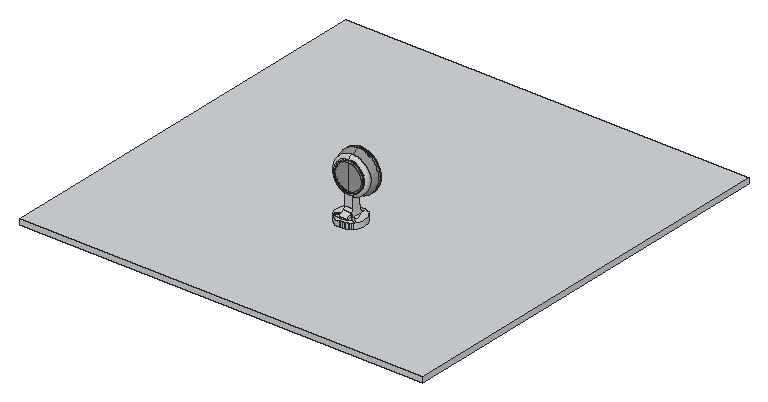
Revit family "41-Jabonera", category Aparatos sanitarios, Revit 2018
Family settings
  Anfitrión = Cara
  Cota de conector redondo = Diámetro de uso
  Tipo de pieza = Normal
  Número OmniClass = 23.45.00.00
  Título OmniClass = Sanitary, Laundry, and Cleaning Equipment
  Corte con vacíos al cargar = No
  Compartido = No
  Punto de cálculo de habitación = No
Parameters
  Vida útil unidad = ""
  Vida útil = ""
  URL = ""
  Tráfico = "Residencial"
  Presión mínima = ""
  Presión Máxima = ""
  Nombre del Fabricante = "Corona"
  Nombre = "Jabonera"
  Model = ""
  Material de Fabricación = "Latón"
  Material Acabado = Cromo-Corona
  Fabricante = "www.corona.com.co"
  Default Elevation = 0 mm
  Duración Garantía Unidad = "Año"
  Diámetro de conexión entrada = ""
  Descripción IFC = "Jabonera Palermo"
  Description = ""
  Assembly Code = ""
  Consumo de agua = ""
  Color = "Cromo"
  Caudal = ""
  Acabado = "Brillante"
Reference planes
  plane 1 "Center (Front/Back)": y = 0
  plane 2: z = 0
  plane 3 "Center (Left/Right)": x = 0
Forms (mm)
  Extrusion 1, solid
    sketch origin (0, 0, 0) x (1, 0, 0) y (0, 1, 0)
      loop
        line (-385.853, 470) -> (-385.853, -304.449) -> (380.791, -304.449) -> (380.791, 470) -> (-385.853, 470)
    from 0 to -9.713
  Revolve 2, solid, material "Cromo-Corona", detail levels medium+fine
    sketch origin (0, 0, 0) x (0, -1, 0) y (0, 0, 1)
      loop
        line (0, 0) -> (27, 0) -> (27, 10.016) -> (15.089, 10.016) -> (0, 10.016) -> (0, 0)
      axis (0, 10.016) -> (0, 0)
    angle from 0 to 360
  Extrusion 3, solid, material "Cromo-Corona", detail levels medium+fine
    sketch origin (-20.24, 0, 0) x (0, 1, 0) y (0, 0, -1)
      loop
        line (-18.902, -12.351) -> (-7.631, -18.345)
        arc (-7.631, -18.345) -> (-4.924, -20.913) -> (-3.927, -24.509) r 6.981
        line (-3.927, -24.509) -> (-3.927, -45.99)
        arc (-3.927, -45.99) -> (1.397, -51.314) -> (6.721, -45.99) r 5.324
        line (6.721, -45.99) -> (11.89, -19.399)
        arc (11.89, -19.399) -> (14.781, -13.536) -> (20.248, -9.949) r 12.433
        line (20.248, -9.949) -> (-18.902, -9.949) -> (-18.902, -12.351)
    from -27.972 to -12.508
  Revolve 4, solid, material "Cromo-Corona", detail levels medium+fine
    sketch origin (0, 0, 0) x (0, -1, 0) y (0, 0, 1)
      loop
        line (27, 0) -> (27, 10.174)
        arc (27, 10.174) -> (26.284, 11.903) -> (24.555, 12.619) r 2.445
        line (24.555, 12.619) -> (0, 12.619) -> (0, 0) -> (27, 0)
      axis (0, 12.619) -> (0, 0)
    angle from -45 to 45
  Sweep 5, solid, detail levels medium+fine
    path origin (0, 0, 10.122) x (0, -1, 0) y (1, 0, 0)
      loop
        line (0, 0) -> (20.105, 20.105)
    profile origin (10.053, -10.053, 10.122) x (0.707107, 0.707107, 0) y (0, 0, 1)
      loop
        line (0, 2.515) -> (0, 0.003) -> (2.332, 0.003)
        arc (2.332, 0.003) -> (1.063, 0.556) -> (0.605, 1.862) r 1.731
        arc (0.605, 1.862) -> (0.445, 2.321) -> (0, 2.515) r 0.605
  Revolve 6, void
    sketch origin (0, 0, 0) x (0, -1, 0) y (0, 0, 1)
      loop
        line (27, 0) -> (28.874, 0) -> (28.388, 13.913) -> (24.556, 13.913) -> (24.556, 12.621)
        arc (24.556, 12.621) -> (26.294, 11.792) -> (27, 10) r 2.627
        line (27, 10) -> (27, 0)
      axis (0, 13.913) -> (0, 0)
    angle from 0 to 360
  Sweep 7, solid, material "Cromo-Corona", detail levels medium+fine
    path origin (0, 0, 10.122) x (0, -1, 0) y (1, 0, 0)
      loop
        line (0, 0) -> (20.105, -20.105)
    profile origin (-10.053, -10.053, 10.122) x (0.707107, -0.707107, 0) y (0, 0, 1)
      loop
        arc (0, 2.515) -> (-0.428, 2.338) -> (-0.605, 1.91) r 0.605
        arc (-0.605, 1.91) -> (-1.064, 0.605) -> (-2.332, 0.052) r 1.731
        line (-2.332, 0.052) -> (0, 0.052) -> (0, 2.515)
  Revolve 8, solid, material "Cromo-Corona", detail levels medium+fine
    sketch origin (0, 0, 0) x (0, 1, 0) y (0, 0, 1)
      loop
        line (7.057, 47.525) -> (7.057, 51.467) -> (-3.701, 51.467) -> (-3.701, 47.525)
        arc (-3.701, 47.525) -> (1.678, 42.146) -> (7.057, 47.525) r 5.379
      axis (7.057, 76.522) -> (-3.701, 76.522)
    angle from 0 to 360
  Revolve 9, solid, material "Acrilico Corona", detail levels medium+fine
    sketch origin (0, 0, 0) x (0, 1, 0) y (0, 0, 1)
      loop
        line (10.589, 76.522) -> (-5.979, 76.522) -> (-5.979, 51.522)
        arc (-5.979, 51.522) -> (-5.579, 50.555) -> (-4.612, 50.154) r 1.368
        line (-4.612, 50.154) -> (4.264, 50.154)
        arc (4.264, 50.154) -> (5.675, 49.57) -> (6.26, 48.158) r 1.996
        line (6.26, 48.158) -> (6.26, 45.979)
        arc (6.26, 45.979) -> (10.918, 40.132) -> (18.007, 37.754) r 13.196
        line (18.007, 37.754) -> (21.991, 37.754)
        arc (21.991, 37.754) -> (24.234, 38.683) -> (25.163, 40.925) r 3.171
        spline (25.163, 40.925) -> (24.987, 43.212) -> (24.459, 44.756) -> (23.58, 45.867) -> (22.351, 46.858) -> (20.778, 48.035) -> (18.945, 49.62) -> (16.996, 51.77) -> (15.076, 54.645) -> (13.331, 58.399) -> (11.904, 63.192) -> (10.942, 69.181) -> (10.589, 76.522)
      axis (25.163, 76.522) -> (-5.979, 76.522)
    angle from 0 to 360
  Extrusion 10, solid, material "Vidrio", detail levels coarse
    sketch origin (0, 0, 0) x (1, 0, 0) y (0, 0, 1)
      loop
        line (38.768, 115.289) -> (-38.768, 115.289) -> (-38.768, 0) -> (38.768, 0) -> (38.768, 115.289)
    from -26.884 to 26.88
Cuts and joins
  Revolve 6 cuts Revolve 2
  Revolve 6 cuts Sweep 5
  Revolve 6 cuts Sweep 7
Lines and regions (mm)
  symbolic lines, not visible, detail levels medium+fine
    curve 1: arc (-9.395, 25.313, 60) -> (-26.575, -4.773, 60) -> (0, -27, 60) r 27
    curve 2: arc (-23.417, 2.554, 60) -> (-18.953, 13.988, 60) -> (-9.343, 21.623, 60) r 23.555
    curve 3: arc (0, -23.555, 60) -> (-15.727, -17.536, 60) -> (-23.417, -2.554, 60) r 23.555
    curve 4: arc (23.417, -2.554, 60) -> (15.727, -17.536, 60) -> (0, -23.555, 60) r 23.555
    curve 5: arc (20.24, -4.076, 60) -> (16.164, 0, 60) -> (20.24, 4.076, 60) r 4.076
    curve 6: arc (20.24, 2.188, 60) -> (22.428, 0, 60) -> (20.24, -2.188, 60) r 2.188
    curve 7: arc (20.24, -2.188, 60) -> (18.052, 0, 60) -> (20.24, 2.188, 60) r 2.188
    curve 8: arc (20.24, 4.076, 60) -> (24.316, 0, 60) -> (20.24, -4.076, 60) r 4.076
    curve 9: arc (-20.24, 4.076, 60) -> (-24.316, 0, 60) -> (-20.24, -4.076, 60) r 4.076
    curve 10: arc (-20.24, -4.076, 60) -> (-16.164, 0, 60) -> (-20.24, 4.076, 60) r 4.076
    curve 11: arc (-20.24, -2.188, 60) -> (-18.052, 0, 60) -> (-20.24, 2.188, 60) r 2.188
    curve 12: arc (-20.24, 2.188, 60) -> (-22.428, 0, 60) -> (-20.24, -2.188, 60) r 2.188
    curve 13: arc (0, -27, 60) -> (26.585, -4.715, 60) -> (9.284, 25.354, 60) r 27
    curve 14: arc (9.214, 21.679, 60) -> (18.911, 14.044, 60) -> (23.417, 2.554, 60) r 23.555
    curve 15: arc (9.87, -10, 60) -> (14.737, 0, 60) -> (9.87, 10, 60) r 12.706
    curve 16: arc (-9.87, -10, 60) -> (-14.737, 0, 60) -> (-9.87, 10, 60) r 12.706
    curve 17: line (9.87, 10, 60) -> (-9.87, 10, 60)
    curve 18: line (-9.87, -10, 60) -> (9.87, -10, 60)
    curve 20: line (-20.24, -27, 0) -> (-20.24, -27, 2.689)
    curve 21: arc (-20.24, -27, 2.689) -> (-20.24, -26.589, 3.681) -> (-20.24, -25.597, 4.092) r 1.403
    curve 22: line (-20.24, -25.597, 4.092) -> (-20.24, 25.449, 4.092)
    curve 23: arc (-20.24, 25.449, 4.092) -> (-20.24, 26.581, 3.623) -> (-20.24, 27.05, 2.49) r 1.602
    curve 24: line (-20.24, 27.05, 2.49) -> (-20.24, 27.05, 0)
    curve 25: line (-20.24, -23.555, 4.092) -> (-20.24, -16.852, 10.795)
    curve 26: arc (-20.24, -16.852, 10.795) -> (-20.24, -16, 11.37) -> (-20.24, -14.994, 11.584) r 2.694
    curve 27: line (-20.24, -14.994, 11.584) -> (-20.24, 15.089, 11.584)
    curve 28: arc (-20.24, 15.089, 11.584) -> (-20.24, 16.111, 11.357) -> (-20.24, 16.942, 10.72) r 2.419
    curve 29: line (-20.24, 16.942, 10.72) -> (-20.24, 23.57, 4.092)
    curve 30: line (-20.24, -10, 11.584) -> (-20.24, -10, 72.37)
    curve 31: arc (-20.24, -10, 72.37) -> (-20.24, 0, 77.201) -> (-20.24, 10, 72.37) r 12.765
    curve 32: line (-20.24, 10, 72.37) -> (-20.24, 10, 11.584)
    curve 34: line (27.05, 0, 0) -> (27.05, 0, 2.516)
    curve 35: arc (27.05, 0, 2.516) -> (26.551, 0, 3.663) -> (25.373, 0, 4.08) r 1.567
    curve 36: line (25.373, 0, 4.08) -> (-25.331, 0, 4.08)
    curve 37: arc (-25.331, 0, 4.08) -> (-26.511, 0, 3.591) -> (-27, 0, 2.411) r 1.669
    curve 38: line (-27, 0, 2.411) -> (-27, 0, 0)
    curve 39: line (-23.412, 0, 4.08) -> (-16.514, 0, 10.978)
    curve 40: arc (-16.514, 0, 10.978) -> (-15.691, 0, 11.489) -> (-14.726, 0, 11.584) r 2.133
    curve 41: line (-14.726, 0, 11.584) -> (15.1, 0, 11.584)
    curve 42: arc (15.1, 0, 11.584) -> (16.03, 0, 11.363) -> (16.763, 0, 10.748) r 2.072
    curve 43: line (16.763, 0, 10.748) -> (23.431, 0, 4.08)
    curve 44: line (9.881, 0, 11.584) -> (9.881, 0, 62.5)
    curve 45: arc (9.881, 0, 62.5) -> (0.011, 0, 72.37) -> (-9.859, 0, 62.5) r 9.87
    curve 46: line (-9.859, 0, 11.584) -> (-9.859, 0, 62.5)
    curve 47: line (14.754, 0, 11.584) -> (14.754, 0, 62.5)
    curve 48: arc (14.754, 0, 62.5) -> (-0.012, 0, 77.265) -> (-14.777, 0, 62.5) r 14.765
    curve 49: line (-14.777, 0, 62.5) -> (-14.777, 0, 11.522)
  symbolic lines, detail levels coarse
    curve 19: line (27, 0, 0) -> (-27, 0, 0)
    curve 33: line (-20.24, 30.401, 0) -> (-20.24, -27, 0)
    curve 74: line (0, 27, 115.289) -> (0, -27, 115.289)
    curve 75: line (0, 27, 0) -> (0, 27, 115.289)
    curve 76: line (0, -27, 0) -> (0, 27, 0)
    curve 77: line (0, -27, 115.289) -> (0, -27, 0)
    curve 100: line (-38.768, -27, 60) -> (38.768, -27, 60)
    curve 101: line (-38.768, 27, 60) -> (-38.768, -27, 60)
    curve 102: line (38.768, 27, 60) -> (-38.768, 27, 60)
    curve 103: line (38.768, -27, 60) -> (38.768, 27, 60)
    curve 123: line (38.768, 0, 115.289) -> (-38.768, 0, 115.289)
    curve 124: line (38.768, 0, 0) -> (38.768, 0, 115.289)
    curve 125: line (-38.768, 0, 0) -> (38.768, 0, 0)
    curve 126: line (-38.768, 0, 115.289) -> (-38.768, 0, 0)
  symbolic lines, detail levels medium+fine
    curve 50: line (0, 27, 0) -> (0, 27, 7.303)
    curve 51: arc (0, 27, 7.303) -> (0, 26.205, 9.222) -> (0, 24.287, 10.016) r 2.713
    curve 52: line (0, 24.287, 10.016) -> (0, 1.732, 10.016)
    curve 53: line (0, -24.549, 12.691) -> (0, 0.023, 12.691)
    curve 54: spline (0, 0.428, 12.032) -> (0, 0.424, 12.111) -> (0, 0.413, 12.189) -> (0, 0.395, 12.264) -> (0, 0.371, 12.335) -> (0, 0.339, 12.401) -> (0, 0.303, 12.46) -> (0, 0.261, 12.512) -> (0, 0.214, 12.556) -> (0, 0.164, 12.591) -> (0, 0.111, 12.617) -> (0, 0.056, 12.632) -> (0, 0, 12.638)
    curve 55: spline (0, 1.649, 10.174) -> (0, 1.482, 10.19) -> (0, 1.318, 10.239) -> (0, 1.16, 10.318) -> (0, 1.011, 10.428) -> (0, 0.874, 10.565) -> (0, 0.752, 10.727) -> (0, 0.647, 10.911) -> (0, 0.56, 11.114) -> (0, 0.494, 11.332) -> (0, 0.449, 11.56) -> (0, 0.427, 11.795) -> (0, 0.428, 12.032)
    curve 56: arc (0, -24.549, 12.691) -> (0, -26.363, 11.893) -> (0, -27, 10.016) r 2.461
    curve 57: line (0, -27, 10.016) -> (0, -27, 0)
    curve 58: line (0, -7.631, 18.345) -> (0, -18.264, 12.691)
    curve 59: arc (0, -7.631, 18.345) -> (0, -4.924, 20.913) -> (0, -3.927, 24.509) r 6.981
    curve 60: line (0, -3.927, 50.103) -> (0, -3.927, 24.509)
    curve 61: line (0, 11.89, 19.399) -> (0, 6.763, 45.775)
    curve 62: arc (0, 11.89, 19.399) -> (0, 14.711, 13.615) -> (0, 20.047, 10.016) r 12.433
    curve 63: arc (0, 7.102, 105.663) -> (0, 1.733, 111.031) -> (0, -3.636, 105.663) r 5.369
    curve 64: line (0, -3.636, 105.663) -> (0, -3.636, 47.651)
    curve 65: line (0, 7.102, 105.663) -> (0, 7.102, 47.651)
    curve 66: arc (0, 7.102, 47.651) -> (0, 1.733, 42.282) -> (0, -3.636, 47.651) r 5.369
    curve 67: arc (0, 6.635, 107.853) -> (0, 11.287, 113.152) -> (0, 18.007, 115.289) r 13.164
    curve 68: line (0, 18.007, 115.289) -> (0, 22.355, 115.289)
    curve 69: arc (0, 22.355, 115.289) -> (0, 24.371, 114.454) -> (0, 25.207, 112.438) r 2.852
    curve 70: line (0, 25.207, 112.438) -> (0, 25.207, 41.216)
    curve 71: arc (0, 25.207, 41.216) -> (0, 24.171, 38.716) -> (0, 21.671, 37.68) r 3.536
    curve 72: line (0, 21.671, 37.68) -> (0, 18.007, 37.68)
    curve 73: arc (0, 18.007, 37.68) -> (0, 11.517, 39.541) -> (0, 7, 44.558) r 12.246
    curve 78: line (-35.77, 25.224, 60) -> (35.664, 25.224, 60)
    curve 79: arc (35.664, 25.224, 60) -> (37.89, 24.302, 60) -> (38.812, 22.076, 60) r 3.148
    curve 80: line (38.812, 22.076, 60) -> (38.812, 18.007, 60)
    curve 81: arc (38.812, 18.007, 60) -> (36.715, 11.149, 60) -> (31.143, 6.636, 60) r 12.263
    curve 82: line (31.143, 6.636, 60) -> (-31.189, 6.636, 60)
    curve 83: arc (-31.189, 6.636, 60) -> (-36.605, 11.237, 60) -> (-38.768, 18.007, 60) r 12.914
    curve 84: line (-38.768, 18.007, 60) -> (-38.768, 22, 60)
    curve 85: arc (-38.768, 22, 60) -> (-37.903, 24.201, 60) -> (-35.77, 25.224, 60) r 3.232
    curve 86: arc (-31.189, 6.636, 60) -> (-34.305, 0.589, 60) -> (-29.15, -3.851, 60) r 5.493
    curve 87: line (-29.15, -3.851, 60) -> (29.114, -3.851, 60)
    curve 88: arc (29.114, -3.851, 60) -> (34.455, 0.555, 60) -> (31.143, 6.636, 60) r 5.44
    curve 89: arc (-26.38, -3.851, 60) -> (-26.138, -5.262, 60) -> (-24.921, -6.014, 60) r 1.742
    curve 90: line (-24.921, -6.014, 60) -> (25.079, -6.014, 60)
    curve 91: arc (25.079, -6.014, 60) -> (26.327, -5.293, 60) -> (26.327, -3.851, 60) r 1.442
    curve 92: arc (-26.724, -3.851, 60) -> (0.114, -27, 60) -> (26.755, -3.626, 60) r 27
    curve 93: line (-20.669, -17.372, 60) -> (-9.312, -6.014, 60)
    curve 94: line (20.669, -17.372, 60) -> (9.312, -6.014, 60)
    curve 95: line (-7.63, -6.014, 60) -> (-7.63, -17.71, 60)
    curve 96: arc (-7.63, -17.71, 60) -> (-8.803, -19.743, 60) -> (-11.151, -19.743, 60) r 2.348
    curve 97: arc (7.63, -17.71, 60) -> (8.803, -19.743, 60) -> (11.151, -19.743, 60) r 2.348
    curve 98: arc (-9.631, 25.224, 60) -> (-0.187, 27.008, 60) -> (9.258, 25.224, 60) r 25.883
    curve 99: line (7.63, -6.014, 60) -> (7.63, -17.71, 60)
    curve 104: line (0, -3.636, 50.118) -> (0, -4.507, 50.118)
    curve 105: arc (0, -4.507, 50.118) -> (0, -5.529, 50.541) -> (0, -5.952, 51.563) r 1.445
    curve 106: line (0, -5.952, 51.563) -> (0, -5.952, 101.563)
    curve 107: arc (0, -5.952, 101.563) -> (0, -5.564, 102.5) -> (0, -4.627, 102.888) r 1.325
    curve 108: line (0, -4.627, 102.888) -> (0, -3.636, 102.888)
    curve 109: arc (0, 0, 115.289) -> (38.768, 0, 76.522) -> (0, 0, 37.754) r 38.768
    curve 110: arc (0, 0, 37.754) -> (-38.768, 0, 76.522) -> (0, 0, 115.289) r 38.768
    curve 111: circle (0, 0, 75.224) r 27.107 normal (0, -1, 0)
    curve 112: line (7.732, 0, 38.533) -> (7.732, 0, 10.016)
    curve 113: line (-7.732, 0, 38.533) -> (-7.732, 0, 10.016)
    curve 114: line (-27, 0, 10.016) -> (27, 0, 10.016)
    curve 115: line (-27, 0, 10.016) -> (-27, 0, 0)
    curve 116: line (27, 0, 10.016) -> (27, 0, 0)
    curve 117: line (18.92, 0, 11.938) -> (20.669, 0, 10.125)
    curve 118: spline (17.484, 0, 12.619) -> (17.628, 0, 12.582) -> (17.77, 0, 12.541) -> (17.909, 0, 12.496) -> (18.044, 0, 12.447) -> (18.175, 0, 12.394) -> (18.3, 0, 12.337) -> (18.421, 0, 12.277) -> (18.535, 0, 12.214) -> (18.642, 0, 12.148) -> (18.742, 0, 12.08) -> (18.835, 0, 12.01) -> (18.92, 0, 11.938)
    curve 119: line (17.484, 0, 12.619) -> (7.732, 0, 12.619)
    curve 120: line (-7.732, 0, 12.654) -> (-17.446, 0, 12.654)
    curve 121: spline (-17.365, 0, 12.646) -> (-17.51, 0, 12.635) -> (-17.652, 0, 12.617) -> (-17.793, 0, 12.59) -> (-17.93, 0, 12.556) -> (-18.063, 0, 12.514) -> (-18.191, 0, 12.465) -> (-18.315, 0, 12.409) -> (-18.432, 0, 12.346) -> (-18.543, 0, 12.276) -> (-18.647, 0, 12.2) -> (-18.744, 0, 12.118) -> (-18.832, 0, 12.031)
    curve 122: line (-18.834, 0, 12.032) -> (-20.665, 0, 10.174)
Dimensions and locks
  aligned and locked: plane 2 to Extrusion 1
  aligned and locked: level to Extrusion 1
